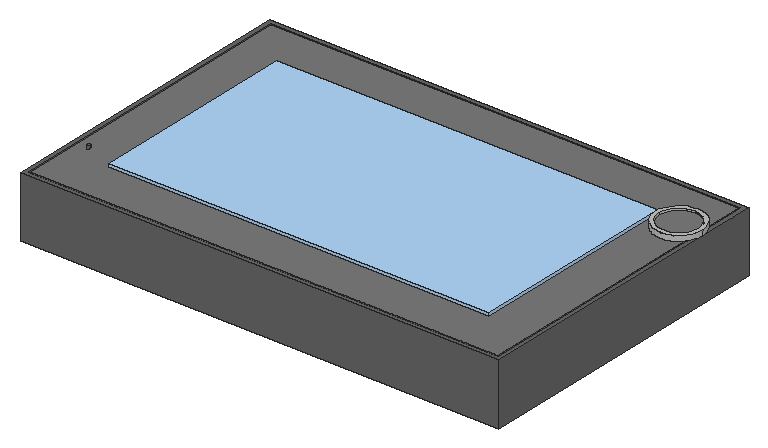
Revit family "AZ-07LF", category Устройства связи, Revit 2020
Family settings
  Сохранять ориентацию аннотаций = Нет
  Размер круглого соединителя = Использовать диаметр
  Тип детали = Нормальный
  На основе рабочей плоскости = Да
  Всегда вертикально = Нет
  При загрузке вырезать с полостями = Нет
  Общий = Да
  Точка расчета площади = Нет
Parameters (values of type "AZ-07LF")
  Цветовое решение = "черный/серый"
  Управление домашней автоматикой = "свет / шторы / лифт"
  Сцена = "да"
  Резервные фотографии, сделанные во время разговора = "да"
  Режим ожидания = "да, настраивается по времени"
  Поддержка сторонних виджетов = "да"
  Мультимедийные функции = "просмотр видео, фото и аудио файлов с SD-карты"
  Количество многоквартирных панелей = "до 9 панелей"
  Тип установки = "настенное крепление"
  Разрешение экрана = "1024 х 600"
  Обновление ПО = "из веб-интерфейса; С SD-карты; С сервера обновлений BAS-IP"
  Количество мелодий звонка = "9 мелодий на выбор"
  Загрузка пользовательских рингтонов в формате MP3 = "да"
  Дополнительные разъемы = "слот для карты SD (SDHC)"
  Количество отдельных панелей = "до 9 панелей"
  Размеры = "195х127х27 мм"
  Тихий режим = "да, настраивается по времени"
  Питание = "PoE и +12 В постоянного тока (блок питания не входит в комплект)"
  Выберите тип скринсейвера в режиме ожидания = "многокамерный просмотр в реальном времени — до 4 IP камер одновременно; Часы; Фоторамка; Просмотр тура в реальном времени — до 16 камер, время регулируется; Просмотр в реальном времени с одной IP-камеры"
  Потребляемая мощность = "6 Вт, в режиме ожидания 2,5 Вт"
  Default Elevation = 0 mm
  Описание = "7 дюймовый IP видеодомофон с настенным горизонтальным и вертикальным монтажом, возможностью управления лифтом, выводом сообщений от управляющей компании, PoE, подключением 32 камер, памятью для фото/видео и автоответчиком. ОС — Android."
  Количество IP-камер = "до 32 камер"
  Корпус = "пластик"
  Возможность установки сторонних приложений = "да"
  Варианты монтажа = "горизонтальный и вертикальный"
  Поддержка получения сообщений = "да"
  Встроенная камера = "нет"
  Интерфейс = "многоязычный графический и веб-интерфейс"
  Изображение типоразмера = <Нет>
  Изготовитель = "BAS-IP"
  Сетевое подключение = "провод Ethernet UTP"
  Экран = "7-дюймовый IPS LCD (емкостный сенсорный экран)"
  Группа модели = "Внутренний монитор индивидуальный"
  Подключение дополнительных мониторов = "до 8 мониторов"
  Функция памяти = "запись фото, видео и аудио на SD-карту"
  Автоответчик = "да"
  URL = "https://www.bas-ip.ru"
  Тип домофона = "видеодомофон, без встроенной камеры"
  Режим «Не беспокоить» = "да, настраивается по времени"
  Email разработчика семейства = "lytvynchukartur@gmail.com"
  BIM library = "https://bimlib.ru/manufacturer/"
  ADSK_Размер_Ширина = 195 mm
  ADSK_Размер_Толщина = 27 mm
  ADSK_Размер_Длина = 127 mm
  ADSK_Примечание = ""
  ADSK_Полная мощность = 2.5 VA  # constant formula
  ADSK_Позиция = ""
  ADSK_Обозначение = ""
  ADSK_Номинальная мощность = 2.5 W
  ADSK_Напряжение = 12 V
  ADSK_Наименование краткое = "AZ-07LF"
  ADSK_Наименование = "Внутренний монитор индивидуальный AZ-07LF"
  ADSK_Масса_Текст = ""
  ADSK_Марка = "AZ-07LF"
  ADSK_Коэффициент мощности = 0.9
  ADSK_Количество фаз = 1
  ADSK_Код изделия = ""
  ADSK_Классификация нагрузок = Внутренний монитор индивидуальный
  ADSK_Зона = ""
  ADSK_Завод-изготовитель = "BAS-IP"
  ADSK_Единица измерения = "шт"
  ADSK_Версия Revit = "Revit 2020"  # constant formula
  ADSK_URL страницы изделия = "https://bas-ip.com/hardware/az-07l/"
  ADSK_URL документации изделия = "https://cdn.bas-ip.com/files/Manuals/AZ-07L_manual.pdf"
Reference planes
  plane 1 "По центру (Вперед/Назад)": y = 0
  plane 2: z = 0
  plane 3 "По центру (Влево/Вправо)": x = 0
Forms (mm)
  Extrusion 1, solid, material "Материал черный-серый", detail levels medium+fine
    sketch origin (294.897, 48.335, -2.742) x (1, 0, 0) y (0, 1, 0)
      loop
        line (-390.397, 13.165) -> (-390.397, -109.835) -> (-199.397, -109.835) -> (-199.397, 13.165) -> (-390.397, 13.165)
    from 2.742 to 27.742
  Extrusion 2, solid, material "Материал светло-голубой", detail levels medium+fine
    sketch origin (-20.406, -78.476, 25) x (1, 0, 0) y (0, 1, 0)
      loop
        line (97.406, 35.476) -> (97.406, 121.476) -> (-57.594, 121.476) -> (-57.594, 35.476) -> (97.406, 35.476)
    from 0 to 1
  Extrusion 3, solid, material "Материал черный", detail levels medium+fine
    sketch origin (-245.429, -211.502, 80) x (1, 0, 0) y (0, 1, 0)
      loop
        circle (154.883, 174.133) r 0.6
    from -55 to -54
  Extrusion 4, solid, material "Материал черный", detail levels medium+fine
    sketch origin (294.897, -96.665, -2.742) x (1, 0, 0) y (0, 1, 0)
      loop
        line (-197.397, 33.165) -> (-197.397, 160.165) -> (-392.397, 160.165) -> (-392.397, 33.165) -> (-197.397, 33.165)
      loop
        line (-390.397, 158.165) -> (-390.397, 35.165) -> (-199.397, 35.165) -> (-199.397, 158.165) -> (-390.397, 158.165)
    from 2.742 to 27.742
  Extrusion 5, solid, material "Материал черный-серый", detail levels medium+fine
    sketch origin (-248.145, -311.99, 80) x (1, 0, 0) y (0, 1, 0)
      loop
        circle (335.948, 352.25) r 8
    from -55 to -53.5
  Extrusion 6, solid, material "Материал светло-серый", detail levels medium+fine
    sketch origin (-238.145, -311.99, 80) x (1, 0, 0) y (0, 1, 0)
      loop
        circle (325.948, 352.25) r 9.697
      loop
        circle (325.948, 352.25) r 8
    from -55 to -53
Dimensions and locks
  Extrusion 1 sketch curve to Extrusion 1 sketch curve = 191 mm
  aligned and locked: level to plane 2
Connectors
  electrical at (0, 0, 0)
    settings: on Extrusion 1, index 5, voltage 0 V, apparent load 0 VA, apparent load phase1 0 VA, apparent load phase2 0 VA, apparent load phase3 0 VA, power factor 1, load classification "Прочее", number of poles 1, system type 13, power factor state 1, is connector primary yes, connector utility no, sub classification motor no, connector description "Должны быть подведены провода для подключения замка и дополнительных модулей"
  electrical at (7.231, 0.308, 0)
    settings: on Extrusion 1, index 10, voltage 12 V, apparent load 3 VA, apparent load phase1 0 VA, apparent load phase2 0 VA, apparent load phase3 0 VA, power factor 0.9, load classification "Внутренний монитор индивидуальный", number of poles 1, system type 30, power factor state 1, is connector primary no, connector utility no, sub classification motor no, connector description "Блок питания на +12 Вольт, 2 Ампера"
  electrical at (-7.769, 0.308, 0)
    settings: on Extrusion 1, index 13, voltage 0 V, apparent load 0 VA, apparent load phase1 0 VA, apparent load phase2 0 VA, apparent load phase3 0 VA, power factor 1, load classification "Прочее", number of poles 1, system type 5, power factor state 1, is connector primary no, connector utility no, sub classification motor no, connector description "Кабель Ethernet UTP cat5 или выше"
